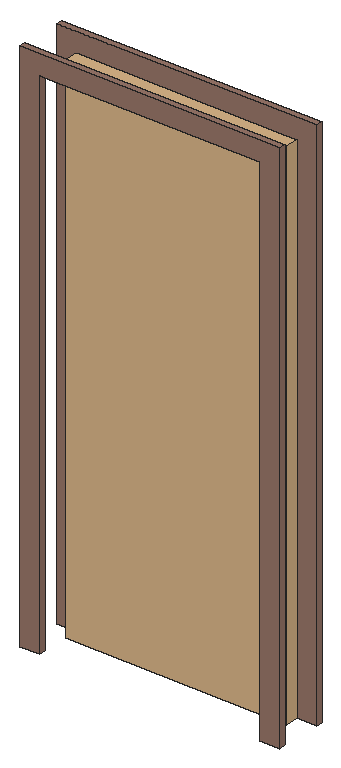
Revit family "56bf0ab8c23f4dea8c3b42bf0e69f914", category Doors, host Wall, Revit 2020
Family settings
  Host = Wall
  OmniClass Number = 23.30.10.00
  OmniClass Title = Doors
  Always vertical = Yes
  Cut with Voids When Loaded = No
  Shared = No
  Room Calculation Point = No
Parameters (values of type "850 x 2000mm")
  Visual Light Transmittance = 0
  Thickness = 50 mm
  Thermal Resistance (R) = 0.455703 (m²·K)/W
  Swing Angle [instance] = 90.00°
  Solar Heat Gain Coefficient = 0
  Construction Type Id = "DOOR"
  Heat Transfer Coefficient (U) = 2.19465 W/(m²·K)
  Function = Interior
  Assembly Code = "C1020300"
  Panel Material = Wood - Birch - Solid Stained Light Low Gloss
  Trim Material = Paint - Sienna
  Height = 2000 mm
  Trim Projection Ext = 25 mm
  Trim Projection Int = 25 mm
  Trim Width = 80 mm
  Wall Closure = By host
  Width = 850 mm
  Analytic Construction = "Wooden"
Reference planes
  plane 1 "Center(Front/Back)": y = 0
  plane 2: z = 0
  plane 3 "Center (Left/Right)": x = 0
  plane 4 "Left": x = -425
  plane 5 "Right": x = 425
  plane 6 "Top": z = 2000
  plane 7: y = 76.2
Forms (mm)
  Extrusion 1, solid, material "Wood - Birch - Solid Stained Light Low Gloss" <- "Panel Material"
    sketch origin (0, 0, 0) x (1, 0, 0) y (0, 0, 1)
      loop
        line (-425, 2000) -> (-425, 0) -> (425, 0) -> (425, 2000) -> (-425, 2000)
    from -76.2 to -26.2
  Extrusion 2, solid, material "Paint - Sienna" <- "Trim Material", detail levels fine
    sketch origin (-1524, -76.2, 0) x (1, 0, 0) y (0, 0, 1)
      loop
        line (1022.8, 2076.2) -> (1022.8, 0) -> (1099, 0) -> (1099, 2000) -> (1949, 2000) -> (1949, 0) -> (2025.2, 0) -> (2025.2, 2076.2) -> (1022.8, 2076.2)
    from 0 to 25
  Extrusion 3, solid, material "Paint - Sienna" <- "Trim Material", detail levels fine
    sketch origin (-1524, 76.2, 0) x (-1, 0, 0) y (0, 0, 1)
      loop
        line (-2025.2, 2076.2) -> (-2025.2, 0) -> (-1949, 0) -> (-1949, 2000) -> (-1099, 2000) -> (-1099, 0) -> (-1022.8, 0) -> (-1022.8, 2076.2) -> (-2025.2, 2076.2)
    from 0 to 25
Lines and regions (mm)
  Opening 1
    outline origin (-1524, -76.2, 3657.6) x (0, 0, -1) y (1, 0, 0)
      loop
        line (1657.6, 1099) -> (3657.6, 1099) -> (3657.6, 1949) -> (1657.6, 1949) -> (1657.6, 1099)
  symbolic lines, style "Elevation Swing"
    curve 1: line (-425, 0, 2000) -> (425, 0, 1000)
    curve 2: line (-425, 0, 0) -> (425, 0, 1000)
Dimensions and locks
  equal spacing: plane 4 "Left", plane 3 "Center (Left/Right)", plane 5 "Right"
  "Width": plane 4 "Left" to plane 5 "Right"
  "Height": plane 6 "Top" to plane 2
  "Trim Projection Ext": Extrusion 3 to host wall
  "Trim Projection Int": Extrusion 2 to host wall
  "Thickness": Extrusion 1 to host wall
  equal spacing: plane 6 "Top", curve 2, level
  aligned and locked: host wall to Extrusion 1
  aligned and locked: Extrusion 2 to Extrusion 3 sketch curve
  aligned and locked: Extrusion 3 sketch curve to Extrusion 2  (x2)
  aligned and locked: plane 7 to host wall
  aligned and locked: plane 7 to Extrusion 1
  aligned and locked: nested 1 to plane 7
  aligned and locked: nested 1 to plane 5 "Right"
Automatic sketch dimensions
  Opening 1 sketch curve to plane 6 "Top" = 0 mm
  Opening 1 sketch curve to level = 0 mm
  Opening 1 sketch curve to plane 4 "Left" = 0 mm
  Opening 1 sketch curve to plane 5 "Right" = 0 mm
  Extrusion 1 sketch curve to plane 4 "Left" = 0 mm
  Extrusion 1 sketch curve to plane 5 "Right" = 0 mm
  Extrusion 1 sketch curve to level = 0 mm
  Extrusion 1 sketch curve to plane 6 "Top" = 0 mm
  Extrusion 2 sketch curve to level = 0 mm  (x2)
  Extrusion 2 sketch curve to plane 4 "Left" = 0 mm
  Extrusion 2 sketch curve to plane 5 "Right" = 0 mm
  Extrusion 2 sketch curve to plane 6 "Top" = 0 mm
  Extrusion 3 sketch curve to level = 0 mm  (x2)
  Extrusion 3 sketch curve to plane 5 "Right" = 0 mm
  Extrusion 3 sketch curve to plane 4 "Left" = 0 mm
  Extrusion 3 sketch curve to plane 6 "Top" = 0 mm
  curve 1 to plane 4 "Left" = 0 mm
  curve 1 to plane 6 "Top" = 0 mm
  curve 2 to plane 5 "Right" = 0 mm
  curve 2 to level = 0 mm
  curve 2 to plane 4 "Left" = 0 mm
  plane 4 "Left" to Extrusion 2 sketch curve = 76.2 mm
  Extrusion 2 sketch curve to Extrusion 2 sketch curve = 76.2 mm
  Extrusion 2 sketch curve to plane 6 "Top" = 76.2 mm
Nested families
  nested 1: "Door Swing-Single" at (425, 76.2, 0), Swing Angle <- "Swing Angle", type "Single"
    with Swing Visible yes, Swing Angle 90.00°, Actual Angle 90.00°
Definition of nested family "Door Swing-Single"
  Parameters (values of type "Single")
    Width = 900 mm
    Thickness = 45 mm
    Swing Visible [instance] = Swing Angle > 1.00°  # yes
    Swing Angle [instance] = 45.00°
    Assembly Code = ""
    Analytic Construction = "<None>"
    Actual Angle [instance] = if(Swing Angle < 1.00°, 1.00°, Swing Angle)  # 45.00°
  Reference planes
    plane 1 "Center (Front/Back)": y = 0
    plane 2: z = 0
    plane 3 "Center (Left/Right)": x = 0
    plane 4: x = -900
  Lines and regions (mm)
    Masking region 1
      outline origin (0, 0, 0) x (-0.707107, 0.707107, 0) y (-0.707107, -0.707107, 0)
        loop
          line (0, 0) -> (900, 0) -> (900, 45) -> (0, 45) -> (0, 0)
    symbolic lines
      curve 1: line (0, 0, 0) -> (-900, 0, 0)
    symbolic lines, visible <- "Swing Visible"
      curve 2: arc (-900, 0, 0) -> (-831.492, 344.415, 0) -> (-636.396, 636.396, 0) r 900
    reference lines
      curve 3: line (0, 0, 0) -> (-636.396, 636.396, 0)
    model lines
      curve 4: line (0, 0, 0) -> (0, 0, 25.4)
  Dimensions and locks
    "Width": plane 4 to plane 3 "Center (Left/Right)"
    locked: curve 2 to plane 3 "Center (Left/Right)"
    locked: curve 2 to plane 1 "Center (Front/Back)"
    "Width": curve 3 to curve 3
    "Thickness": Masking region 1 sketch curve to Masking region 1 sketch curve
    locked: curve 4 to plane 2 at 25.4
    "Width": radius of curve 2
    "Actual Angle": angle curve 2 to curve 2
    "Swing Angle": angle curve 3 to plane 1 "Center (Front/Back)"
    aligned and locked: curve 1 to plane 1 "Center (Front/Back)"
    aligned and locked: plane 3 "Center (Left/Right)" to curve 1
    aligned and locked: plane 3 "Center (Left/Right)" to curve 3
    aligned and locked: plane 1 "Center (Front/Back)" to curve 3
    aligned and locked: curve 3 to Masking region 1 sketch curve
    aligned and locked: Masking region 1 sketch curve to curve 3  (x2)
    aligned and locked: plane 3 "Center (Left/Right)" to curve 4
    aligned and locked: plane 2 to curve 4
